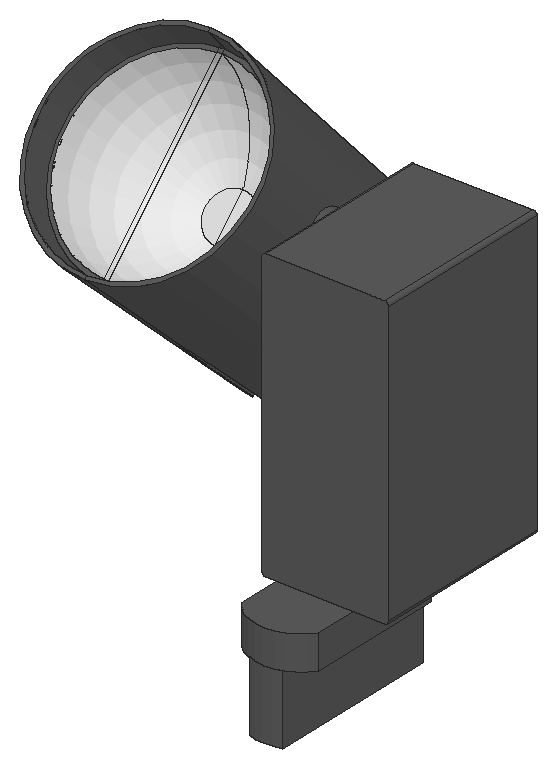
Revit family "0004848 Feilo Sylvania Lighting Fixture START TRACK SPOT S 14W 4K RA80 MB BLACK", category Lighting Fixtures, host Face, Revit 2017 (continued)
Definition of nested family "Start Track Spot Head"
  Types (96, lengths in mm): name | Wattage | built-in parameter 1150134 | Photometric Web File | Model | built-in parameter 1150105 | Lumens | built-in parameter 1150107 | built-in parameter 1150106 | HeadThickness_FEILO | HeadRibOffset_FEILO | HeadRibDepth_FEILO | HeadRibCutWidth_FEILO | HeadRibCutOffset_FEILO | HeadReflectorRadius_FEILO | HeadReflectorOffset_FEILO | HeadLEDRadius_FEILO | HeadHeight_FEILO | HeadDiffusorOffset_FEILO | HeadDiaOut_FEILO | HeadDiaIn_FEILO | HeadAxisFromTop_FEILO | Emit from Circle Diameter | built-in parameter 1150104 | Description | Apparent Load
    0004864 START TRACK SPOT S 24W 3K RA90 WB WHITE | 24 W | (empty or 0) | "0004864.ies" | "START TRACK SPOT S 24W 3K RA90 WB WHITE" | 152.79 (stored number, unit not read) | 1920 lm | 3000 (stored number, unit not read) | 1.5279 (stored number, unit not read) | 1.5 | 4.179 | 55.714 | 7.167 | 50.87 | 50.588 | 55.714 | 9.556 | 117 | 9.435 | 86 | 77.477 | 69.354 | 77.477 | 7.4322 (stored number, unit not read) | "Integrated LED spotlight, Textured White - RAL9016, compact and minimalist design, ideal for retail applications, die-cast aluminium body, passive cooling heatsink. Beam angle: 64°, color temperature: 3000K , total system power: 24W, total fixture output: 1928 lm, LOR: 100%, colour rendering: Ra: 90 typical, LED Chromaticity: 3 step MacAdam ellipse, lifetime: >50000 hours at L70B50, energy class: A++, A+, A, IR/UV free light source without heat radiation, operating voltage: 220-240V / 50-60Hz, drive current: 600mA, electronic driver, non-dimmable, power factor: 0.95, electrical protection: Class II, Global Track 3 Phase adapter suitable for Global trac 3-circuit tracks, ingress protection rating: IP20, suitable for internal environment only, horizontal rotation: 355°, vertical tilt: 90°, dimensions: Ø86x140x200, weight: 0.966kg." | 24 VA
    0004863 START TRACK SPOT S 24W 3K RA90 MB WHITE | 24 W | (empty or 0) | "0004863.ies" | "START TRACK SPOT S 24W 3K RA90 MB WHITE" | 154.7 (stored number, unit not read) | 1944 lm | 3000 (stored number, unit not read) | 1.547 (stored number, unit not read) | 1.5 | 4.179 | 55.714 | 7.167 | 50.87 | 50.588 | 55.714 | 9.556 | 117 | 9.435 | 86 | 77.477 | 69.354 | 77.477 | 7.5251 (stored number, unit not read) | "Integrated LED spotlight, Textured White - RAL9016, compact and minimalist design, ideal for retail applications, die-cast aluminium body, passive cooling heatsink. Beam angle: 36°, color temperature: 3000K , total system power: 24W, total fixture output: 1944 lm, LOR: 100%, colour rendering: Ra: 90 typical, LED Chromaticity: 3 step MacAdam ellipse, lifetime: >50000 hours at L70B50, energy class: A++, A+, A, IR/UV free light source without heat radiation, operating voltage: 220-240V / 50-60Hz, drive current: 600mA, electronic driver, non-dimmable, power factor: 0.95, electrical protection: Class II, Global Track 3 Phase adapter suitable for Global trac 3-circuit tracks, ingress protection rating: IP20, suitable for internal environment only, horizontal rotation: 355°, vertical tilt: 90°, dimensions: Ø86x140x200, weight: 0.966kg." | 24 VA
    0004862 START TRACK SPOT S 24W 3K RA90 NB WHITE | 24 W | (empty or 0) | "0004862.ies" | "START TRACK SPOT S 24W 3K RA90 NB WHITE" | 158.52 (stored number, unit not read) | 1992 lm | 3000 (stored number, unit not read) | 1.5852 (stored number, unit not read) | 1.5 | 4.179 | 55.714 | 7.167 | 50.87 | 50.588 | 55.714 | 9.556 | 117 | 9.435 | 86 | 77.477 | 69.354 | 77.477 | 7.711 (stored number, unit not read) | "Integrated LED spotlight, Textured White - RAL9016, compact and minimalist design, ideal for retail applications, die-cast aluminium body, passive cooling heatsink. Beam angle: 12°, color temperature: 3000K , total system power: 24W, total fixture output: 1987 lm, LOR: 100%, colour rendering: Ra: 90 typical, LED Chromaticity: 3 step MacAdam ellipse, lifetime: >50000 hours at L70B50, energy class: A++, A+, A, IR/UV free light source without heat radiation, operating voltage: 220-240V / 50-60Hz, drive current: 600mA, electronic driver, non-dimmable, power factor: 0.95, electrical protection: Class II, Global Track 3 Phase adapter suitable for Global trac 3-circuit tracks, ingress protection rating: IP20, suitable for internal environment only, horizontal rotation: 355°, vertical tilt: 90°, dimensions: Ø86x140x200, weight: 0.966kg." | 24 VA
    0004861 START TRACK SPOT S 14W 3K RA90 WB WHITE | 14 W | (empty or 0) | "0004861.ies" | "START TRACK SPOT S 14W 3K RA90 WB WHITE" | 100.27 (stored number, unit not read) | 1260 lm | 3000 (stored number, unit not read) | 1.0027 (stored number, unit not read) | 1.5 | 4.179 | 55.714 | 7.167 | 50.87 | 50.588 | 55.714 | 9.556 | 117 | 9.435 | 86 | 77.477 | 69.354 | 77.477 | 8.3613 (stored number, unit not read) | "Integrated LED spotlight, Textured White - RAL9016, compact and minimalist design, ideal for retail applications, die-cast aluminium body, passive cooling heatsink. Beam angle: 64°, color temperature: 3000K , total system power: 14W, total fixture output: 1262 lm, LOR: 100%, colour rendering: Ra: 90 typical, LED Chromaticity: 3 step MacAdam ellipse, lifetime: >50000 hours at L70B50, energy class: A++, A+, A, IR/UV free light source without heat radiation, operating voltage: 220-240V / 50-60Hz, drive current: 350mA, electronic driver, non-dimmable, power factor: 0.92, electrical protection: Class II, Global Track 3 Phase adapter suitable for Global trac 3-circuit tracks, ingress protection rating: IP20, suitable for internal environment only, horizontal rotation: 355°, vertical tilt: 90°, dimensions: Ø86x140x200, weight: 0.940kg." | 14 VA
    0004860 START TRACK SPOT S 14W 3K RA90 MB WHITE | 14 W | (empty or 0) | "0004860.ies" | "START TRACK SPOT S 14W 3K RA90 MB WHITE" | 100.27 (stored number, unit not read) | 1260 lm | 3000 (stored number, unit not read) | 1.0027 (stored number, unit not read) | 1.5 | 4.179 | 55.714 | 7.167 | 50.87 | 50.588 | 55.714 | 9.556 | 117 | 9.435 | 86 | 77.477 | 69.354 | 77.477 | 8.3613 (stored number, unit not read) | "Integrated LED spotlight, Textured White - RAL9016, compact and minimalist design, ideal for retail applications, die-cast aluminium body, passive cooling heatsink. Beam angle: 36°, color temperature: 3000K , total system power: 14W, total fixture output: 1262 lm, LOR: 100%, colour rendering: Ra: 90 typical, LED Chromaticity: 3 step MacAdam ellipse, lifetime: >50000 hours at L70B50, energy class: A++, A+, A, IR/UV free light source without heat radiation, operating voltage: 220-240V / 50-60Hz, drive current: 350mA, electronic driver, non-dimmable, power factor: 0.92, electrical protection: Class II, Global Track 3 Phase adapter suitable for Global trac 3-circuit tracks, ingress protection rating: IP20, suitable for internal environment only, horizontal rotation: 355°, vertical tilt: 90°, dimensions: Ø86x140x200, weight: 0.940kg." | 14 VA
    0004859 START TRACK SPOT S 14W 3K RA90 NB WHITE | 14 W | (empty or 0) | "0004859.ies" | "START TRACK SPOT S 14W 3K RA90 NB WHITE" | 102.5 (stored number, unit not read) | 1288 lm | 3000 (stored number, unit not read) | 1.025 (stored number, unit not read) | 1.5 | 4.179 | 55.714 | 7.167 | 50.87 | 50.588 | 55.714 | 9.556 | 117 | 9.435 | 86 | 77.477 | 69.354 | 77.477 | 8.5471 (stored number, unit not read) | "Integrated LED spotlight, Textured White - RAL9016, compact and minimalist design, ideal for retail applications, die-cast aluminium body, passive cooling heatsink. Beam angle: 12°, color temperature: 3000K , total system power: 14W, total fixture output: 1284 lm, LOR: 100%, colour rendering: Ra: 90 typical, LED Chromaticity: 3 step MacAdam ellipse, lifetime: >50000 hours at L70B50, energy class: A++, A+, A, IR/UV free light source without heat radiation, operating voltage: 220-240V / 50-60Hz, drive current: 350mA, electronic driver, non-dimmable, power factor: 0.92, electrical protection: Class II, Global Track 3 Phase adapter suitable for Global trac 3-circuit tracks, ingress protection rating: IP20, suitable for internal environment only, horizontal rotation: 355°, vertical tilt: 90°, dimensions: Ø86x140x200, weight: 0.940kg." | 14 VA
    0004858 START TRACK SPOT L 55W 4K RA80 WB BLACK | 55 W | 12 | "0004858.ies" | "START TRACK SPOT L 55W 4K RA80 WB BLACK" | 424.55 (stored number, unit not read) | 5335 lm | 4000 (stored number, unit not read) | 4.2455 (stored number, unit not read) | 2 | 4.429 | 59.048 | 9.417 | 53.913 | 66.471 | 59.048 | 12.556 | 124 | 10 | 113 | 101.802 | 73.503 | 101.802 | 9.0116 (stored number, unit not read) | "Integrated LED spotlight, Textured Black - RAL9005, compact and minimalist design, ideal for retail applications, die-cast aluminium body, passive cooling heatsink. Beam angle: 52°, color temperature: 4000K , total system power: 55W, total fixture output: 5320 lm, LOR: 100%, colour rendering: Ra: 80 typical, LED Chromaticity: 3 step MacAdam ellipse, lifetime: >50000 hours at L70B50, energy class: A++, A+, A, IR/UV free light source without heat radiation, operating voltage: 220-240V / 50-60Hz, drive current: 1400mA, electronic driver, non-dimmable, power factor: 0.96, electrical protection: Class II, Global Track 3 Phase adapter suitable for Global trac 3-circuit tracks, ingress protection rating: IP20, suitable for internal environment only, horizontal rotation: 355°, vertical tilt: 90°, dimensions: Ø113x164x240, weight: 1.398kg." | 55 VA
    0004857 START TRACK SPOT L 55W 4K RA80 MB BLACK | 55 W | 12 | "0004857.ies" | "START TRACK SPOT L 55W 4K RA80 MB BLACK" | 428.92 (stored number, unit not read) | 5390 lm | 4000 (stored number, unit not read) | 4.2892 (stored number, unit not read) | 2 | 4.429 | 59.048 | 9.417 | 53.913 | 66.471 | 59.048 | 12.556 | 124 | 10 | 113 | 101.802 | 73.503 | 101.802 | 9.1045 (stored number, unit not read) | "Integrated LED spotlight, Textured Black - RAL9005, compact and minimalist design, ideal for retail applications, die-cast aluminium body, passive cooling heatsink. Beam angle: 38°, color temperature: 4000K , total system power: 55W, total fixture output: 5378 lm, LOR: 100%, colour rendering: Ra: 80 typical, LED Chromaticity: 3 step MacAdam ellipse, lifetime: >50000 hours at L70B50, energy class: A++, A+, A, IR/UV free light source without heat radiation, operating voltage: 220-240V / 50-60Hz, drive current: 1400mA, electronic driver, non-dimmable, power factor: 0.96, electrical protection: Class II, Global Track 3 Phase adapter suitable for Global trac 3-circuit tracks, ingress protection rating: IP20, suitable for internal environment only, horizontal rotation: 355°, vertical tilt: 90°, dimensions: Ø113x164x240, weight: 1.398kg." | 55 VA
    0004856 START TRACK SPOT L 55W 4K RA80 NB BLACK | 55 W | 12 | "0004856.ies" | "START TRACK SPOT L 55W 4K RA80 NB BLACK" | 433.3 (stored number, unit not read) | 5445 lm | 4000 (stored number, unit not read) | 4.333 (stored number, unit not read) | 2 | 4.429 | 59.048 | 9.417 | 53.913 | 66.471 | 59.048 | 12.556 | 124 | 10 | 113 | 101.802 | 73.503 | 101.802 | 9.1974 (stored number, unit not read) | "Integrated LED spotlight, Textured Black - RAL9005, compact and minimalist design, ideal for retail applications, die-cast aluminium body, passive cooling heatsink. Beam angle: 15°, color temperature: 4000K , total system power: 55W, total fixture output: 5426 lm, LOR: 100%, colour rendering: Ra: 80 typical, LED Chromaticity: 3 step MacAdam ellipse, lifetime: >50000 hours at L70B50, energy class: A++, A+, A, IR/UV free light source without heat radiation, operating voltage: 220-240V / 50-60Hz, drive current: 1400mA, electronic driver, non-dimmable, power factor: 0.96, electrical protection: Class II, Global Track 3 Phase adapter suitable for Global trac 3-circuit tracks, ingress protection rating: IP20, suitable for internal environment only, horizontal rotation: 355°, vertical tilt: 90°, dimensions: Ø113x164x240, weight: 1.398kg." | 55 VA
    0004855 START TRACK SPOT L 35W 4K RA80 WB BLACK | 35 W | 12 | "0004855.ies" | "START TRACK SPOT L 35W 4K RA80 WB BLACK" | 320.3 (stored number, unit not read) | 4025 lm | 4000 (stored number, unit not read) | 3.203 (stored number, unit not read) | 2 | 4.429 | 59.048 | 9.417 | 53.913 | 66.471 | 59.048 | 12.556 | 124 | 10 | 113 | 101.802 | 73.503 | 101.802 | 10.684 (stored number, unit not read) | "Integrated LED spotlight, Textured Black - RAL9005, compact and minimalist design, ideal for retail applications, die-cast aluminium body, passive cooling heatsink. Beam angle: 52°, color temperature: 4000K , total system power: 35W, total fixture output: 4010 lm, LOR: 100%, colour rendering: Ra: 80 typical, LED Chromaticity: 3 step MacAdam ellipse, lifetime: >50000 hours at L70B50, energy class: A++, A+, A, IR/UV free light source without heat radiation, operating voltage: 220-240V / 50-60Hz, drive current: 900mA, electronic driver, non-dimmable, power factor: 0.93, electrical protection: Class II, Global Track 3 Phase adapter suitable for Global trac 3-circuit tracks, ingress protection rating: IP20, suitable for internal environment only, horizontal rotation: 355°, vertical tilt: 90°, dimensions: Ø113x164x240, weight: 1.368kg." | 35 VA
    0004854 START TRACK SPOT L 35W 4K RA80 MB BLACK | 35 W | 12 | "0004854.ies" | "START TRACK SPOT L 35W 4K RA80 MB BLACK" | 320.3 (stored number, unit not read) | 4025 lm | 4000 (stored number, unit not read) | 3.203 (stored number, unit not read) | 2 | 4.429 | 59.048 | 9.417 | 53.913 | 66.471 | 59.048 | 12.556 | 124 | 10 | 113 | 101.802 | 73.503 | 101.802 | 10.684 (stored number, unit not read) | "Integrated LED spotlight, Textured Black - RAL9005, compact and minimalist design, ideal for retail applications, die-cast aluminium body, passive cooling heatsink. Beam angle: 38°, color temperature: 4000K , total system power: 35W, total fixture output: 4017 lm, LOR: 100%, colour rendering: Ra: 80 typical, LED Chromaticity: 3 step MacAdam ellipse, lifetime: >50000 hours at L70B50, energy class: A++, A+, A, IR/UV free light source without heat radiation, operating voltage: 220-240V / 50-60Hz, drive current: 900mA, electronic driver, non-dimmable, power factor: 0.93, electrical protection: Class II, Global Track 3 Phase adapter suitable for Global trac 3-circuit tracks, ingress protection rating: IP20, suitable for internal environment only, horizontal rotation: 355°, vertical tilt: 90°, dimensions: Ø113x164x240, weight: 1.368kg." | 35 VA
    0004853 START TRACK SPOT L 35W 4K RA80 NB BLACK | 35 W | 12 | "0004853.ies" | "START TRACK SPOT L 35W 4K RA80 NB BLACK" | 331.44 (stored number, unit not read) | 4165 lm | 4000 (stored number, unit not read) | 3.3144 (stored number, unit not read) | 2 | 4.429 | 59.048 | 9.417 | 53.913 | 66.471 | 59.048 | 12.556 | 124 | 10 | 113 | 101.802 | 73.503 | 101.802 | 11.055 (stored number, unit not read) | "Integrated LED spotlight, Textured Black - RAL9005, compact and minimalist design, ideal for retail applications, die-cast aluminium body, passive cooling heatsink. Beam angle: 15°, color temperature: 4000K , total system power: 35W, total fixture output: 4174 lm, LOR: 100%, colour rendering: Ra: 80 typical, LED Chromaticity: 3 step MacAdam ellipse, lifetime: >50000 hours at L70B50, energy class: A++, A+, A, IR/UV free light source without heat radiation, operating voltage: 220-240V / 50-60Hz, drive current: 900mA, electronic driver, non-dimmable, power factor: 0.93, electrical protection: Class II, Global Track 3 Phase adapter suitable for Global trac 3-circuit tracks, ingress protection rating: IP20, suitable for internal environment only, horizontal rotation: 355°, vertical tilt: 90°, dimensions: Ø113x164x240, weight: 1.368kg." | 35 VA
    0004852 START TRACK SPOT S 24W 4K RA80 WB BLACK | 24 W | 12 | "0004852.ies" | "START TRACK SPOT S 24W 4K RA80 WB BLACK" | 196.72 (stored number, unit not read) | 2472 lm | 4000 (stored number, unit not read) | 1.9672 (stored number, unit not read) | 1.5 | 4.179 | 55.714 | 7.167 | 50.87 | 50.588 | 55.714 | 9.556 | 117 | 9.435 | 86 | 77.477 | 69.354 | 77.477 | 9.569 (stored number, unit not read) | "Integrated LED spotlight, Textured Black - RAL9005, compact and minimalist design, ideal for retail applications, die-cast aluminium body, passive cooling heatsink. Beam angle: 64°, color temperature: 4000K , total system power: 24W, total fixture output: 2476 lm, LOR: 100%, colour rendering: Ra: 80 typical, LED Chromaticity: 3 step MacAdam ellipse, lifetime: >50000 hours at L70B50, energy class: A++, A+, A, IR/UV free light source without heat radiation, operating voltage: 220-240V / 50-60Hz, drive current: 600mA, electronic driver, non-dimmable, power factor: 0.95, electrical protection: Class II, Global Track 3 Phase adapter suitable for Global trac 3-circuit tracks, ingress protection rating: IP20, suitable for internal environment only, horizontal rotation: 355°, vertical tilt: 90°, dimensions: Ø86x140x200, weight: 0.966kg." | 24 VA
    0004851 START TRACK SPOT S 24W 4K RA80 MB BLACK | 24 W | 12 | "0004851.ies" | "START TRACK SPOT S 24W 4K RA80 MB BLACK" | 198.63 (stored number, unit not read) | 2496 lm | 4000 (stored number, unit not read) | 1.9863 (stored number, unit not read) | 1.5 | 4.179 | 55.714 | 7.167 | 50.87 | 50.588 | 55.714 | 9.556 | 117 | 9.435 | 86 | 77.477 | 69.354 | 77.477 | 9.6619 (stored number, unit not read) | "Integrated LED spotlight, Textured Black - RAL9005, compact and minimalist design, ideal for retail applications, die-cast aluminium body, passive cooling heatsink. Beam angle: 36°, color temperature: 4000K , total system power: 24W, total fixture output: 2487 lm, LOR: 100%, colour rendering: Ra: 80 typical, LED Chromaticity: 3 step MacAdam ellipse, lifetime: >50000 hours at L70B50, energy class: A++, A+, A, IR/UV free light source without heat radiation, operating voltage: 220-240V / 50-60Hz, drive current: 600mA, electronic driver, non-dimmable, power factor: 0.95, electrical protection: Class II, Global Track 3 Phase adapter suitable for Global trac 3-circuit tracks, ingress protection rating: IP20, suitable for internal environment only, horizontal rotation: 355°, vertical tilt: 90°, dimensions: Ø86x140x200, weight: 0.966kg." | 24 VA
    0004850 START TRACK SPOT S 24W 4K RA80 NB BLACK | 24 W | 12 | "0004850.ies" | "START TRACK SPOT S 24W 4K RA80 NB BLACK" | 200.54 (stored number, unit not read) | 2520 lm | 4000 (stored number, unit not read) | 2.0054 (stored number, unit not read) | 1.5 | 4.179 | 55.714 | 7.167 | 50.87 | 50.588 | 55.714 | 9.556 | 117 | 9.435 | 86 | 77.477 | 69.354 | 77.477 | 9.7548 (stored number, unit not read) | "Integrated LED spotlight, Textured Black - RAL9005, compact and minimalist design, ideal for retail applications, die-cast aluminium body, passive cooling heatsink. Beam angle: 12°, color temperature: 4000K , total system power: 24W, total fixture output: 2529 lm, LOR: 100%, colour rendering: Ra: 80 typical, LED Chromaticity: 3 step MacAdam ellipse, lifetime: >50000 hours at L70B50, energy class: A++, A+, A, IR/UV free light source without heat radiation, operating voltage: 220-240V / 50-60Hz, drive current: 600mA, electronic driver, non-dimmable, power factor: 0.95, electrical protection: Class II, Global Track 3 Phase adapter suitable for Global trac 3-circuit tracks, ingress protection rating: IP20, suitable for internal environment only, horizontal rotation: 355°, vertical tilt: 90°, dimensions: Ø86x140x200, weight: 0.966kg." | 24 VA
    0004849 START TRACK SPOT S 14W 4K RA80 WB BLACK | 14 W | 12 | "0004849.ies" | "START TRACK SPOT S 14W 4K RA80 WB BLACK" | 123.66 (stored number, unit not read) | 1554 lm | 4000 (stored number, unit not read) | 1.2366 (stored number, unit not read) | 1.5 | 4.179 | 55.714 | 7.167 | 50.87 | 50.588 | 55.714 | 9.556 | 117 | 9.435 | 86 | 77.477 | 69.354 | 77.477 | 10.312 (stored number, unit not read) | "Integrated LED spotlight, Textured Black - RAL9005, compact and minimalist design, ideal for retail applications, die-cast aluminium body, passive cooling heatsink. Beam angle: 64°, color temperature: 4000K , total system power: 14W, total fixture output: 1558 lm, LOR: 100%, colour rendering: Ra: 80 typical, LED Chromaticity: 3 step MacAdam ellipse, lifetime: >50000 hours at L70B50, energy class: A++, A+, A, IR/UV free light source without heat radiation, operating voltage: 220-240V / 50-60Hz, drive current: 350mA, electronic driver, non-dimmable, power factor: 0.92, electrical protection: Class II, Global Track 3 Phase adapter suitable for Global trac 3-circuit tracks, ingress protection rating: IP20, suitable for internal environment only, horizontal rotation: 355°, vertical tilt: 90°, dimensions: Ø86x140x200, weight: 0.940kg." | 14 VA
    0004848 START TRACK SPOT S 14W 4K RA80 MB BLACK | 14 W | 12 | "0004848.ies" | "START TRACK SPOT S 14W 4K RA80 MB BLACK" | 127.01 (stored number, unit not read) | 1596 lm | 4000 (stored number, unit not read) | 1.2701 (stored number, unit not read) | 1.5 | 4.179 | 55.714 | 7.167 | 50.87 | 50.588 | 55.714 | 9.556 | 117 | 9.435 | 86 | 77.477 | 69.354 | 77.477 | 10.591 (stored number, unit not read) | "Integrated LED spotlight, Textured Black - RAL9005, compact and minimalist design, ideal for retail applications, die-cast aluminium body, passive cooling heatsink. Beam angle: 36°, color temperature: 4000K , total system power: 14W, total fixture output: 1598 lm, LOR: 100%, colour rendering: Ra: 80 typical, LED Chromaticity: 3 step MacAdam ellipse, lifetime: >50000 hours at L70B50, energy class: A++, A+, A, IR/UV free light source without heat radiation, operating voltage: 220-240V / 50-60Hz, drive current: 350mA, electronic driver, non-dimmable, power factor: 0.92, electrical protection: Class II, Global Track 3 Phase adapter suitable for Global trac 3-circuit tracks, ingress protection rating: IP20, suitable for internal environment only, horizontal rotation: 355°, vertical tilt: 90°, dimensions: Ø86x140x200, weight: 0.940kg." | 14 VA
    0004847 START TRACK SPOT S 14W 4K RA80 NB BLACK | 14 W | 12 | "0004847.ies" | "START TRACK SPOT S 14W 4K RA80 NB BLACK" | 128.12 (stored number, unit not read) | 1610 lm | 4000 (stored number, unit not read) | 1.2812 (stored number, unit not read) | 1.5 | 4.179 | 55.714 | 7.167 | 50.87 | 50.588 | 55.714 | 9.556 | 117 | 9.435 | 86 | 77.477 | 69.354 | 77.477 | 10.684 (stored number, unit not read) | "Integrated LED spotlight, Textured Black - RAL9005, compact and minimalist design, ideal for retail applications, die-cast aluminium body, passive cooling heatsink. Beam angle: 12°, color temperature: 4000K , total system power: 14W, total fixture output: 1608 lm, LOR: 100%, colour rendering: Ra: 80 typical, LED Chromaticity: 3 step MacAdam ellipse, lifetime: >50000 hours at L70B50, energy class: A++, A+, A, IR/UV free light source without heat radiation, operating voltage: 220-240V / 50-60Hz, drive current: 350mA, electronic driver, non-dimmable, power factor: 0.92, electrical protection: Class II, Global Track 3 Phase adapter suitable for Global trac 3-circuit tracks, ingress protection rating: IP20, suitable for internal environment only, horizontal rotation: 355°, vertical tilt: 90°, dimensions: Ø86x140x200, weight: 0.940kg." | 14 VA
    0004846 START TRACK SPOT L 55W 3K RA80 WB BLACK | 55 W | (empty or 0) | "0004846.ies" | "START TRACK SPOT L 55W 3K RA80 WB BLACK" | 420.17 (stored number, unit not read) | 5280 lm | 3000 (stored number, unit not read) | 4.2017 (stored number, unit not read) | 2 | 4.429 | 59.048 | 9.417 | 53.913 | 66.471 | 59.048 | 12.556 | 124 | 10 | 113 | 101.802 | 73.503 | 101.802 | 8.9187 (stored number, unit not read) | "Integrated LED spotlight, Textured Black - RAL9005, compact and minimalist design, ideal for retail applications, die-cast aluminium body, passive cooling heatsink. Beam angle: 52°, color temperature: 3000K , total system power: 55W, total fixture output: 5298 lm, LOR: 100%, colour rendering: Ra: 80 typical, LED Chromaticity: 3 step MacAdam ellipse, lifetime: >50000 hours at L70B50, energy class: A++, A+, A, IR/UV free light source without heat radiation, operating voltage: 220-240V / 50-60Hz, drive current: 1400mA, electronic driver, non-dimmable, power factor: 0.96, electrical protection: Class II, Global Track 3 Phase adapter suitable for Global trac 3-circuit tracks, ingress protection rating: IP20, suitable for internal environment only, horizontal rotation: 355°, vertical tilt: 90°, dimensions: Ø113x164x240, weight: 1.398kg." | 55 VA
    0004845 START TRACK SPOT L 55W 3K RA80 MB BLACK | 55 W | (empty or 0) | "0004845.ies" | "START TRACK SPOT L 55W 3K RA80 MB BLACK" | 428.92 (stored number, unit not read) | 5390 lm | 3000 (stored number, unit not read) | 4.2892 (stored number, unit not read) | 2 | 4.429 | 59.048 | 9.417 | 53.913 | 66.471 | 59.048 | 12.556 | 124 | 10 | 113 | 101.802 | 73.503 | 101.802 | 9.1045 (stored number, unit not read) | "Integrated LED spotlight, Textured Black - RAL9005, compact and minimalist design, ideal for retail applications, die-cast aluminium body, passive cooling heatsink. Beam angle: 38°, color temperature: 3000K , total system power: 55W, total fixture output: 5381 lm, LOR: 100%, colour rendering: Ra: 80 typical, LED Chromaticity: 3 step MacAdam ellipse, lifetime: >50000 hours at L70B50, energy class: A++, A+, A, IR/UV free light source without heat radiation, operating voltage: 220-240V / 50-60Hz, drive current: 1400mA, electronic driver, non-dimmable, power factor: 0.96, electrical protection: Class II, Global Track 3 Phase adapter suitable for Global trac 3-circuit tracks, ingress protection rating: IP20, suitable for internal environment only, horizontal rotation: 355°, vertical tilt: 90°, dimensions: Ø113x164x240, weight: 1.398kg." | 55 VA
    0004844 START TRACK SPOT L 55W 3K RA80 NB BLACK | 55 W | (empty or 0) | "0004844.ies" | "START TRACK SPOT L 55W 3K RA80 NB BLACK" | 433.3 (stored number, unit not read) | 5445 lm | 3000 (stored number, unit not read) | 4.333 (stored number, unit not read) | 2 | 4.429 | 59.048 | 9.417 | 53.913 | 66.471 | 59.048 | 12.556 | 124 | 10 | 113 | 101.802 | 73.503 | 101.802 | 9.1974 (stored number, unit not read) | "Integrated LED spotlight, Textured Black - RAL9005, compact and minimalist design, ideal for retail applications, die-cast aluminium body, passive cooling heatsink. Beam angle: 15°, color temperature: 3000K , total system power: 55W, total fixture output: 5449 lm, LOR: 100%, colour rendering: Ra: 80 typical, LED Chromaticity: 3 step MacAdam ellipse, lifetime: >50000 hours at L70B50, energy class: A++, A+, A, IR/UV free light source without heat radiation, operating voltage: 220-240V / 50-60Hz, drive current: 1400mA, electronic driver, non-dimmable, power factor: 0.96, electrical protection: Class II, Global Track 3 Phase adapter suitable for Global trac 3-circuit tracks, ingress protection rating: IP20, suitable for internal environment only, horizontal rotation: 355°, vertical tilt: 90°, dimensions: Ø113x164x240, weight: 1.398kg." | 55 VA
    0004843 START TRACK SPOT L 35W 3K RA80 WB BLACK | 35 W | (empty or 0) | "0004843.ies" | "START TRACK SPOT L 35W 3K RA80 WB BLACK" | 314.73 (stored number, unit not read) | 3955 lm | 3000 (stored number, unit not read) | 3.1473 (stored number, unit not read) | 2 | 4.429 | 59.048 | 9.417 | 53.913 | 66.471 | 59.048 | 12.556 | 124 | 10 | 113 | 101.802 | 73.503 | 101.802 | 10.498 (stored number, unit not read) | "Integrated LED spotlight, Textured Black - RAL9005, compact and minimalist design, ideal for retail applications, die-cast aluminium body, passive cooling heatsink. Beam angle: 52°, color temperature: 3000K , total system power: 35W, total fixture output: 3943 lm, LOR: 100%, colour rendering: Ra: 80 typical, LED Chromaticity: 3 step MacAdam ellipse, lifetime: >50000 hours at L70B50, energy class: A++, A+, A, IR/UV free light source without heat radiation, operating voltage: 220-240V / 50-60Hz, drive current: 900mA, electronic driver, non-dimmable, power factor: 0.93, electrical protection: Class II, Global Track 3 Phase adapter suitable for Global trac 3-circuit tracks, ingress protection rating: IP20, suitable for internal environment only, horizontal rotation: 355°, vertical tilt: 90°, dimensions: Ø113x164x240, weight: 1.368kg." | 35 VA
    0004842 START TRACK SPOT L 35W 3K RA80 MB BLACK | 35 W | (empty or 0) | "0004842.ies" | "START TRACK SPOT L 35W 3K RA80 MB BLACK" | 320.3 (stored number, unit not read) | 4025 lm | 3000 (stored number, unit not read) | 3.203 (stored number, unit not read) | 2 | 4.429 | 59.048 | 9.417 | 53.913 | 66.471 | 59.048 | 12.556 | 124 | 10 | 113 | 101.802 | 73.503 | 101.802 | 10.684 (stored number, unit not read) | "Integrated LED spotlight, Textured Black - RAL9005, compact and minimalist design, ideal for retail applications, die-cast aluminium body, passive cooling heatsink. Beam angle: 38°, color temperature: 3000K , total system power: 35W, total fixture output: 4008 lm, LOR: 100%, colour rendering: Ra: 80 typical, LED Chromaticity: 3 step MacAdam ellipse, lifetime: >50000 hours at L70B50, energy class: A++, A+, A, IR/UV free light source without heat radiation, operating voltage: 220-240V / 50-60Hz, drive current: 900mA, electronic driver, non-dimmable, power factor: 0.93, electrical protection: Class II, Global Track 3 Phase adapter suitable for Global trac 3-circuit tracks, ingress protection rating: IP20, suitable for internal environment only, horizontal rotation: 355°, vertical tilt: 90°, dimensions: Ø113x164x240, weight: 1.368kg." | 35 VA
    0004841 START TRACK SPOT L 35W 3K RA80 NB BLACK | 35 W | (empty or 0) | "0004841.ies" | "START TRACK SPOT L 35W 3K RA80 NB BLACK" | 317.51 (stored number, unit not read) | 3990 lm | 3000 (stored number, unit not read) | 3.1751 (stored number, unit not read) | 2 | 4.429 | 59.048 | 9.417 | 53.913 | 66.471 | 59.048 | 12.556 | 124 | 10 | 113 | 101.802 | 73.503 | 101.802 | 10.591 (stored number, unit not read) | "Integrated LED spotlight, Textured Black - RAL9005, compact and minimalist design, ideal for retail applications, die-cast aluminium body, passive cooling heatsink. Beam angle: 15°, color temperature: 3000K , total system power: 35W, total fixture output: 4005 lm, LOR: 100%, colour rendering: Ra: 80 typical, LED Chromaticity: 3 step MacAdam ellipse, lifetime: >50000 hours at L70B50, energy class: A++, A+, A, IR/UV free light source without heat radiation, operating voltage: 220-240V / 50-60Hz, drive current: 900mA, electronic driver, non-dimmable, power factor: 0.93, electrical protection: Class II, Global Track 3 Phase adapter suitable for Global trac 3-circuit tracks, ingress protection rating: IP20, suitable for internal environment only, horizontal rotation: 355°, vertical tilt: 90°, dimensions: Ø113x164x240, weight: 1.368kg." | 35 VA
    0004840 START TRACK SPOT S 24W 3K RA80 WB BLACK | 24 W | (empty or 0) | "0004840.ies" | "START TRACK SPOT S 24W 3K RA80 WB BLACK" | 185.26 (stored number, unit not read) | 2328 lm | 3000 (stored number, unit not read) | 1.8526 (stored number, unit not read) | 1.5 | 4.179 | 55.714 | 7.167 | 50.87 | 50.588 | 55.714 | 9.556 | 117 | 9.435 | 86 | 77.477 | 69.354 | 77.477 | 9.0116 (stored number, unit not read) | "Integrated LED spotlight, Textured Black - RAL9005, compact and minimalist design, ideal for retail applications, die-cast aluminium body, passive cooling heatsink. Beam angle: 64°, color temperature: 3000K , total system power: 24W, total fixture output: 2318 lm, LOR: 100%, colour rendering: Ra: 80 typical, LED Chromaticity: 3 step MacAdam ellipse, lifetime: >50000 hours at L70B50, energy class: A++, A+, A, IR/UV free light source without heat radiation, operating voltage: 220-240V / 50-60Hz, drive current: 600mA, electronic driver, non-dimmable, power factor: 0.95, electrical protection: Class II, Global Track 3 Phase adapter suitable for Global trac 3-circuit tracks, ingress protection rating: IP20, suitable for internal environment only, horizontal rotation: 355°, vertical tilt: 90°, dimensions: Ø86x140x200, weight: 0.966kg." | 24 VA
    0004839 START TRACK SPOT S 24W 3K RA80 MB BLACK | 24 W | (empty or 0) | "0004839.ies" | "START TRACK SPOT S 24W 3K RA80 MB BLACK" | 183.35 (stored number, unit not read) | 2304 lm | 3000 (stored number, unit not read) | 1.8335 (stored number, unit not read) | 1.5 | 4.179 | 55.714 | 7.167 | 50.87 | 50.588 | 55.714 | 9.556 | 117 | 9.435 | 86 | 77.477 | 69.354 | 77.477 | 8.9187 (stored number, unit not read) | "Integrated LED spotlight, Textured Black - RAL9005, compact and minimalist design, ideal for retail applications, die-cast aluminium body, passive cooling heatsink. Beam angle: 36°, color temperature: 3000K , total system power: 24W, total fixture output: 2314 lm, LOR: 100%, colour rendering: Ra: 80 typical, LED Chromaticity: 3 step MacAdam ellipse, lifetime: >50000 hours at L70B50, energy class: A++, A+, A, IR/UV free light source without heat radiation, operating voltage: 220-240V / 50-60Hz, drive current: 600mA, electronic driver, non-dimmable, power factor: 0.95, electrical protection: Class II, Global Track 3 Phase adapter suitable for Global trac 3-circuit tracks, ingress protection rating: IP20, suitable for internal environment only, horizontal rotation: 355°, vertical tilt: 90°, dimensions: Ø86x140x200, weight: 0.966kg." | 24 VA
    0004838 START TRACK SPOT S 24W 3K RA80 NB BLACK | 24 W | (empty or 0) | "0004838.ies" | "START TRACK SPOT S 24W 3K RA80 NB BLACK" | 185.26 (stored number, unit not read) | 2328 lm | 3000 (stored number, unit not read) | 1.8526 (stored number, unit not read) | 1.5 | 4.179 | 55.714 | 7.167 | 50.87 | 50.588 | 55.714 | 9.556 | 117 | 9.435 | 86 | 77.477 | 69.354 | 77.477 | 9.0116 (stored number, unit not read) | "Integrated LED spotlight, Textured Black - RAL9005, compact and minimalist design, ideal for retail applications, die-cast aluminium body, passive cooling heatsink. Beam angle: 12°, color temperature: 3000K , total system power: 24W, total fixture output: 2334 lm, LOR: 100%, colour rendering: Ra: 80 typical, LED Chromaticity: 3 step MacAdam ellipse, lifetime: >50000 hours at L70B50, energy class: A++, A+, A, IR/UV free light source without heat radiation, operating voltage: 220-240V / 50-60Hz, drive current: 600mA, electronic driver, non-dimmable, power factor: 0.95, electrical protection: Class II, Global Track 3 Phase adapter suitable for Global trac 3-circuit tracks, ingress protection rating: IP20, suitable for internal environment only, horizontal rotation: 355°, vertical tilt: 90°, dimensions: Ø86x140x200, weight: 0.966kg." | 24 VA
    0004837 START TRACK SPOT S 14W 3K RA80 WB BLACK | 14 W | (empty or 0) | "0004837.ies" | "START TRACK SPOT S 14W 3K RA80 WB BLACK" | 119.21 (stored number, unit not read) | 1498 lm | 3000 (stored number, unit not read) | 1.1921 (stored number, unit not read) | 1.5 | 4.179 | 55.714 | 7.167 | 50.87 | 50.588 | 55.714 | 9.556 | 117 | 9.435 | 86 | 77.477 | 69.354 | 77.477 | 9.9406 (stored number, unit not read) | "Integrated LED spotlight, Textured Black - RAL9005, compact and minimalist design, ideal for retail applications, die-cast aluminium body, passive cooling heatsink. Beam angle: 64°, color temperature: 3000K , total system power: 14W, total fixture output: 1498 lm, LOR: 100%, colour rendering: Ra: 80 typical, LED Chromaticity: 3 step MacAdam ellipse, lifetime: >50000 hours at L70B50, energy class: A++, A+, A, IR/UV free light source without heat radiation, operating voltage: 220-240V / 50-60Hz, drive current: 350mA, electronic driver, non-dimmable, power factor: 0.92, electrical protection: Class II, Global Track 3 Phase adapter suitable for Global trac 3-circuit tracks, ingress protection rating: IP20, suitable for internal environment only, horizontal rotation: 355°, vertical tilt: 90°, dimensions: Ø86x140x200, weight: 0.940kg." | 14 VA
    0004836 START TRACK SPOT S 14W 3K RA80 MB BLACK | 14 W | (empty or 0) | "0004836.ies" | "START TRACK SPOT S 14W 3K RA80 MB BLACK" | 120.32 (stored number, unit not read) | 1512 lm | 3000 (stored number, unit not read) | 1.2032 (stored number, unit not read) | 1.5 | 4.179 | 55.714 | 7.167 | 50.87 | 50.588 | 55.714 | 9.556 | 117 | 9.435 | 86 | 77.477 | 69.354 | 77.477 | 10.034 (stored number, unit not read) | "Integrated LED spotlight, Textured Black - RAL9005, compact and minimalist design, ideal for retail applications, die-cast aluminium body, passive cooling heatsink. Beam angle: 36°, color temperature: 3000K , total system power: 14W, total fixture output: 1508 lm, LOR: 100%, colour rendering: Ra: 80 typical, LED Chromaticity: 3 step MacAdam ellipse, lifetime: >50000 hours at L70B50, energy class: A++, A+, A, IR/UV free light source without heat radiation, operating voltage: 220-240V / 50-60Hz, drive current: 350mA, electronic driver, non-dimmable, power factor: 0.92, electrical protection: Class II, Global Track 3 Phase adapter suitable for Global trac 3-circuit tracks, ingress protection rating: IP20, suitable for internal environment only, horizontal rotation: 355°, vertical tilt: 90°, dimensions: Ø86x140x200, weight: 0.940kg." | 14 VA
    0004835 START TRACK SPOT S 14W 3K RA80 NB BLACK | 14 W | (empty or 0) | "0004835.ies" | "START TRACK SPOT S 14W 3K RA80 NB BLACK" | 123.66 (stored number, unit not read) | 1554 lm | 3000 (stored number, unit not read) | 1.2366 (stored number, unit not read) | 1.5 | 4.179 | 55.714 | 7.167 | 50.87 | 50.588 | 55.714 | 9.556 | 117 | 9.435 | 86 | 77.477 | 69.354 | 77.477 | 10.312 (stored number, unit not read) | "Integrated LED spotlight, Textured Black - RAL9005, compact and minimalist design, ideal for retail applications, die-cast aluminium body, passive cooling heatsink. Beam angle: 12°, color temperature: 3000K , total system power: 14W, total fixture output: 1551 lm, LOR: 100%, colour rendering: Ra: 80 typical, LED Chromaticity: 3 step MacAdam ellipse, lifetime: >50000 hours at L70B50, energy class: A++, A+, A, IR/UV free light source without heat radiation, operating voltage: 220-240V / 50-60Hz, drive current: 350mA, electronic driver, non-dimmable, power factor: 0.92, electrical protection: Class II, Global Track 3 Phase adapter suitable for Global trac 3-circuit tracks, ingress protection rating: IP20, suitable for internal environment only, horizontal rotation: 355°, vertical tilt: 90°, dimensions: Ø86x140x200, weight: 0.940kg." | 14 VA
    0004834 START TRACK SPOT L 55W 4K RA80 WB WHITE | 55 W | 12 | "0004834.ies" | "START TRACK SPOT L 55W 4K RA80 WB WHITE" | 424.55 (stored number, unit not read) | 5335 lm | 4000 (stored number, unit not read) | 4.2455 (stored number, unit not read) | 2 | 4.429 | 59.048 | 9.417 | 53.913 | 66.471 | 59.048 | 12.556 | 124 | 10 | 113 | 101.802 | 73.503 | 101.802 | 9.0116 (stored number, unit not read) | "Integrated LED spotlight, Textured White - RAL9016, compact and minimalist design, ideal for retail applications, die-cast aluminium body, passive cooling heatsink. Beam angle: 52°, color temperature: 4000K , total system power: 55W, total fixture output: 5320 lm, LOR: 100%, colour rendering: Ra: 80 typical, LED Chromaticity: 3 step MacAdam ellipse, lifetime: >50000 hours at L70B50, energy class: A++, A+, A, IR/UV free light source without heat radiation, operating voltage: 220-240V / 50-60Hz, drive current: 1400mA, electronic driver, non-dimmable, power factor: 0.96, electrical protection: Class II, Global Track 3 Phase adapter suitable for Global trac 3-circuit tracks, ingress protection rating: IP20, suitable for internal environment only, horizontal rotation: 355°, vertical tilt: 90°, dimensions: Ø113x164x240, weight: 1.398kg." | 55 VA
    0004833 START TRACK SPOT L 55W 4K RA80 MB WHITE | 55 W | 12 | "0004833.ies" | "START TRACK SPOT L 55W 4K RA80 MB WHITE" | 428.92 (stored number, unit not read) | 5390 lm | 4000 (stored number, unit not read) | 4.2892 (stored number, unit not read) | 2 | 4.429 | 59.048 | 9.417 | 53.913 | 66.471 | 59.048 | 12.556 | 124 | 10 | 113 | 101.802 | 73.503 | 101.802 | 9.1045 (stored number, unit not read) | "Integrated LED spotlight, Textured White - RAL9016, compact and minimalist design, ideal for retail applications, die-cast aluminium body, passive cooling heatsink. Beam angle: 38°, color temperature: 4000K , total system power: 55W, total fixture output: 5378 lm, LOR: 100%, colour rendering: Ra: 80 typical, LED Chromaticity: 3 step MacAdam ellipse, lifetime: >50000 hours at L70B50, energy class: A++, A+, A, IR/UV free light source without heat radiation, operating voltage: 220-240V / 50-60Hz, drive current: 1400mA, electronic driver, non-dimmable, power factor: 0.96, electrical protection: Class II, Global Track 3 Phase adapter suitable for Global trac 3-circuit tracks, ingress protection rating: IP20, suitable for internal environment only, horizontal rotation: 355°, vertical tilt: 90°, dimensions: Ø113x164x240, weight: 1.398kg." | 55 VA
    0004832 START TRACK SPOT L 55W 4K RA80 NB WHITE | 55 W | 12 | "0004832.ies" | "START TRACK SPOT L 55W 4K RA80 NB WHITE" | 433.3 (stored number, unit not read) | 5445 lm | 4000 (stored number, unit not read) | 4.333 (stored number, unit not read) | 2 | 4.429 | 59.048 | 9.417 | 53.913 | 66.471 | 59.048 | 12.556 | 124 | 10 | 113 | 101.802 | 73.503 | 101.802 | 9.1974 (stored number, unit not read) | "Integrated LED spotlight, Textured White - RAL9016, compact and minimalist design, ideal for retail applications, die-cast aluminium body, passive cooling heatsink. Beam angle: 15°, color temperature: 4000K , total system power: 55W, total fixture output: 5426 lm, LOR: 100%, colour rendering: Ra: 80 typical, LED Chromaticity: 3 step MacAdam ellipse, lifetime: >50000 hours at L70B50, energy class: A++, A+, A, IR/UV free light source without heat radiation, operating voltage: 220-240V / 50-60Hz, drive current: 1400mA, electronic driver, non-dimmable, power factor: 0.96, electrical protection: Class II, Global Track 3 Phase adapter suitable for Global trac 3-circuit tracks, ingress protection rating: IP20, suitable for internal environment only, horizontal rotation: 355°, vertical tilt: 90°, dimensions: Ø113x164x240, weight: 1.398kg." | 55 VA
    0004831 START TRACK SPOT L 35W 4K RA80 WB WHITE | 35 W | 12 | "0004831.ies" | "START TRACK SPOT L 35W 4K RA80 WB WHITE" | 320.3 (stored number, unit not read) | 4025 lm | 4000 (stored number, unit not read) | 3.203 (stored number, unit not read) | 2 | 4.429 | 59.048 | 9.417 | 53.913 | 66.471 | 59.048 | 12.556 | 124 | 10 | 113 | 101.802 | 73.503 | 101.802 | 10.684 (stored number, unit not read) | "Integrated LED spotlight, Textured White - RAL9016, compact and minimalist design, ideal for retail applications, die-cast aluminium body, passive cooling heatsink. Beam angle: 52°, color temperature: 4000K , total system power: 35W, total fixture output: 4010 lm, LOR: 100%, colour rendering: Ra: 80 typical, LED Chromaticity: 3 step MacAdam ellipse, lifetime: >50000 hours at L70B50, energy class: A++, A+, A, IR/UV free light source without heat radiation, operating voltage: 220-240V / 50-60Hz, drive current: 900mA, electronic driver, non-dimmable, power factor: 0.93, electrical protection: Class II, Global Track 3 Phase adapter suitable for Global trac 3-circuit tracks, ingress protection rating: IP20, suitable for internal environment only, horizontal rotation: 355°, vertical tilt: 90°, dimensions: Ø113x164x240, weight: 1.368kg." | 35 VA
    0004830 START TRACK SPOT L 35W 4K RA80 MB WHITE | 35 W | 12 | "0004830.ies" | "START TRACK SPOT L 35W 4K RA80 MB WHITE" | 320.3 (stored number, unit not read) | 4025 lm | 4000 (stored number, unit not read) | 3.203 (stored number, unit not read) | 2 | 4.429 | 59.048 | 9.417 | 53.913 | 66.471 | 59.048 | 12.556 | 124 | 10 | 113 | 101.802 | 73.503 | 101.802 | 10.684 (stored number, unit not read) | "Integrated LED spotlight, Textured White - RAL9016, compact and minimalist design, ideal for retail applications, die-cast aluminium body, passive cooling heatsink. Beam angle: 38°, color temperature: 4000K , total system power: 35W, total fixture output: 4017 lm, LOR: 100%, colour rendering: Ra: 80 typical, LED Chromaticity: 3 step MacAdam ellipse, lifetime: >50000 hours at L70B50, energy class: A++, A+, A, IR/UV free light source without heat radiation, operating voltage: 220-240V / 50-60Hz, drive current: 900mA, electronic driver, non-dimmable, power factor: 0.93, electrical protection: Class II, Global Track 3 Phase adapter suitable for Global trac 3-circuit tracks, ingress protection rating: IP20, suitable for internal environment only, horizontal rotation: 355°, vertical tilt: 90°, dimensions: Ø113x164x240, weight: 1.368kg." | 35 VA
    0004829 START TRACK SPOT L 35W 4K RA80 NB WHITE | 35 W | 12 | "0004829.ies" | "START TRACK SPOT L 35W 4K RA80 NB WHITE" | 331.44 (stored number, unit not read) | 4165 lm | 4000 (stored number, unit not read) | 3.3144 (stored number, unit not read) | 2 | 4.429 | 59.048 | 9.417 | 53.913 | 66.471 | 59.048 | 12.556 | 124 | 10 | 113 | 101.802 | 73.503 | 101.802 | 11.055 (stored number, unit not read) | "Integrated LED spotlight, Textured White - RAL9016, compact and minimalist design, ideal for retail applications, die-cast aluminium body, passive cooling heatsink. Beam angle: 15°, color temperature: 4000K , total system power: 35W, total fixture output: 4174 lm, LOR: 100%, colour rendering: Ra: 80 typical, LED Chromaticity: 3 step MacAdam ellipse, lifetime: >50000 hours at L70B50, energy class: A++, A+, A, IR/UV free light source without heat radiation, operating voltage: 220-240V / 50-60Hz, drive current: 900mA, electronic driver, non-dimmable, power factor: 0.93, electrical protection: Class II, Global Track 3 Phase adapter suitable for Global trac 3-circuit tracks, ingress protection rating: IP20, suitable for internal environment only, horizontal rotation: 355°, vertical tilt: 90°, dimensions: Ø113x164x240, weight: 1.368kg." | 35 VA
    0004828 START TRACK SPOT S 24W 4K RA80 WB WHITE | 24 W | 12 | "0004828.ies" | "START TRACK SPOT S 24W 4K RA80 WB WHITE" | 196.72 (stored number, unit not read) | 2472 lm | 4000 (stored number, unit not read) | 1.9672 (stored number, unit not read) | 1.5 | 4.179 | 55.714 | 7.167 | 50.87 | 50.588 | 55.714 | 9.556 | 117 | 9.435 | 86 | 77.477 | 69.354 | 77.477 | 9.569 (stored number, unit not read) | "Integrated LED spotlight, Textured White - RAL9016, compact and minimalist design, ideal for retail applications, die-cast aluminium body, passive cooling heatsink. Beam angle: 64°, color temperature: 4000K , total system power: 24W, total fixture output: 2476 lm, LOR: 100%, colour rendering: Ra: 80 typical, LED Chromaticity: 3 step MacAdam ellipse, lifetime: >50000 hours at L70B50, energy class: A++, A+, A, IR/UV free light source without heat radiation, operating voltage: 220-240V / 50-60Hz, drive current: 600mA, electronic driver, non-dimmable, power factor: 0.95, electrical protection: Class II, Global Track 3 Phase adapter suitable for Global trac 3-circuit tracks, ingress protection rating: IP20, suitable for internal environment only, horizontal rotation: 355°, vertical tilt: 90°, dimensions: Ø86x140x200, weight: 0.966kg." | 24 VA
    0004827 START TRACK SPOT S 24W 4K RA80 MB WHITE | 24 W | 12 | "0004827.ies" | "START TRACK SPOT S 24W 4K RA80 MB WHITE" | 198.63 (stored number, unit not read) | 2496 lm | 4000 (stored number, unit not read) | 1.9863 (stored number, unit not read) | 1.5 | 4.179 | 55.714 | 7.167 | 50.87 | 50.588 | 55.714 | 9.556 | 117 | 9.435 | 86 | 77.477 | 69.354 | 77.477 | 9.6619 (stored number, unit not read) | "Integrated LED spotlight, Textured White - RAL9016, compact and minimalist design, ideal for retail applications, die-cast aluminium body, passive cooling heatsink. Beam angle: 36°, color temperature: 4000K , total system power: 24W, total fixture output: 2487 lm, LOR: 100%, colour rendering: Ra: 80 typical, LED Chromaticity: 3 step MacAdam ellipse, lifetime: >50000 hours at L70B50, energy class: A++, A+, A, IR/UV free light source without heat radiation, operating voltage: 220-240V / 50-60Hz, drive current: 600mA, electronic driver, non-dimmable, power factor: 0.95, electrical protection: Class II, Global Track 3 Phase adapter suitable for Global trac 3-circuit tracks, ingress protection rating: IP20, suitable for internal environment only, horizontal rotation: 355°, vertical tilt: 90°, dimensions: Ø86x140x200, weight: 0.966kg." | 24 VA
    0004826 START TRACK SPOT S 24W 4K RA80 NB WHITE | 24 W | 12 | "0004826.ies" | "START TRACK SPOT S 24W 4K RA80 NB WHITE" | 200.54 (stored number, unit not read) | 2520 lm | 4000 (stored number, unit not read) | 2.0054 (stored number, unit not read) | 1.5 | 4.179 | 55.714 | 7.167 | 50.87 | 50.588 | 55.714 | 9.556 | 117 | 9.435 | 86 | 77.477 | 69.354 | 77.477 | 9.7548 (stored number, unit not read) | "Integrated LED spotlight, Textured White - RAL9016, compact and minimalist design, ideal for retail applications, die-cast aluminium body, passive cooling heatsink. Beam angle: 12°, color temperature: 4000K , total system power: 24W, total fixture output: 2529 lm, LOR: 100%, colour rendering: Ra: 80 typical, LED Chromaticity: 3 step MacAdam ellipse, lifetime: >50000 hours at L70B50, energy class: A++, A+, A, IR/UV free light source without heat radiation, operating voltage: 220-240V / 50-60Hz, drive current: 600mA, electronic driver, non-dimmable, power factor: 0.95, electrical protection: Class II, Global Track 3 Phase adapter suitable for Global trac 3-circuit tracks, ingress protection rating: IP20, suitable for internal environment only, horizontal rotation: 355°, vertical tilt: 90°, dimensions: Ø86x140x200, weight: 0.966kg." | 24 VA
    0004825 START TRACK SPOT S 14W 4K RA80 WB WHITE | 14 W | 12 | "0004825.ies" | "START TRACK SPOT S 14W 4K RA80 WB WHITE" | 123.66 (stored number, unit not read) | 1554 lm | 4000 (stored number, unit not read) | 1.2366 (stored number, unit not read) | 1.5 | 4.179 | 55.714 | 7.167 | 50.87 | 50.588 | 55.714 | 9.556 | 117 | 9.435 | 86 | 77.477 | 69.354 | 77.477 | 10.312 (stored number, unit not read) | "Integrated LED spotlight, Textured White - RAL9016, compact and minimalist design, ideal for retail applications, die-cast aluminium body, passive cooling heatsink. Beam angle: 64°, color temperature: 4000K , total system power: 14W, total fixture output: 1558 lm, LOR: 100%, colour rendering: Ra: 80 typical, LED Chromaticity: 3 step MacAdam ellipse, lifetime: >50000 hours at L70B50, energy class: A++, A+, A, IR/UV free light source without heat radiation, operating voltage: 220-240V / 50-60Hz, drive current: 350mA, electronic driver, non-dimmable, power factor: 0.92, electrical protection: Class II, Global Track 3 Phase adapter suitable for Global trac 3-circuit tracks, ingress protection rating: IP20, suitable for internal environment only, horizontal rotation: 355°, vertical tilt: 90°, dimensions: Ø86x140x200, weight: 0.940kg." | 14 VA
    0004824 START TRACK SPOT S 14W 4K RA80 MB WHITE | 14 W | 12 | "0004824.ies" | "START TRACK SPOT S 14W 4K RA80 MB WHITE" | 127.01 (stored number, unit not read) | 1596 lm | 4000 (stored number, unit not read) | 1.2701 (stored number, unit not read) | 1.5 | 4.179 | 55.714 | 7.167 | 50.87 | 50.588 | 55.714 | 9.556 | 117 | 9.435 | 86 | 77.477 | 69.354 | 77.477 | 10.591 (stored number, unit not read) | "Integrated LED spotlight, Textured White - RAL9016, compact and minimalist design, ideal for retail applications, die-cast aluminium body, passive cooling heatsink. Beam angle: 36°, color temperature: 4000K , total system power: 14W, total fixture output: 1598 lm, LOR: 100%, colour rendering: Ra: 80 typical, LED Chromaticity: 3 step MacAdam ellipse, lifetime: >50000 hours at L70B50, energy class: A++, A+, A, IR/UV free light source without heat radiation, operating voltage: 220-240V / 50-60Hz, drive current: 350mA, electronic driver, non-dimmable, power factor: 0.92, electrical protection: Class II, Global Track 3 Phase adapter suitable for Global trac 3-circuit tracks, ingress protection rating: IP20, suitable for internal environment only, horizontal rotation: 355°, vertical tilt: 90°, dimensions: Ø86x140x200, weight: 0.940kg." | 14 VA
    0004823 START TRACK SPOT S 14W 4K RA80 NB WHITE | 14 W | 12 | "0004823.ies" | "START TRACK SPOT S 14W 4K RA80 NB WHITE" | 128.12 (stored number, unit not read) | 1610 lm | 4000 (stored number, unit not read) | 1.2812 (stored number, unit not read) | 1.5 | 4.179 | 55.714 | 7.167 | 50.87 | 50.588 | 55.714 | 9.556 | 117 | 9.435 | 86 | 77.477 | 69.354 | 77.477 | 10.684 (stored number, unit not read) | "Integrated LED spotlight, Textured White - RAL9016, compact and minimalist design, ideal for retail applications, die-cast aluminium body, passive cooling heatsink. Beam angle: 12°, color temperature: 4000K , total system power: 14W, total fixture output: 1608 lm, LOR: 100%, colour rendering: Ra: 80 typical, LED Chromaticity: 3 step MacAdam ellipse, lifetime: >50000 hours at L70B50, energy class: A++, A+, A, IR/UV free light source without heat radiation, operating voltage: 220-240V / 50-60Hz, drive current: 350mA, electronic driver, non-dimmable, power factor: 0.92, electrical protection: Class II, Global Track 3 Phase adapter suitable for Global trac 3-circuit tracks, ingress protection rating: IP20, suitable for internal environment only, horizontal rotation: 355°, vertical tilt: 90°, dimensions: Ø86x140x200, weight: 0.940kg." | 14 VA
    0004822 START TRACK SPOT L 55W 3K RA80 WB WHITE | 55 W | (empty or 0) | "0004822.ies" | "START TRACK SPOT L 55W 3K RA80 WB WHITE" | 420.17 (stored number, unit not read) | 5280 lm | 3000 (stored number, unit not read) | 4.2017 (stored number, unit not read) | 2 | 4.429 | 59.048 | 9.417 | 53.913 | 66.471 | 59.048 | 12.556 | 124 | 10 | 113 | 101.802 | 73.503 | 101.802 | 8.9187 (stored number, unit not read) | "Integrated LED spotlight, Textured White - RAL9016, compact and minimalist design, ideal for retail applications, die-cast aluminium body, passive cooling heatsink. Beam angle: 52°, color temperature: 3000K , total system power: 55W, total fixture output: 5298 lm, LOR: 100%, colour rendering: Ra: 80 typical, LED Chromaticity: 3 step MacAdam ellipse, lifetime: >50000 hours at L70B50, energy class: A++, A+, A, IR/UV free light source without heat radiation, operating voltage: 220-240V / 50-60Hz, drive current: 1400mA, electronic driver, non-dimmable, power factor: 0.96, electrical protection: Class II, Global Track 3 Phase adapter suitable for Global trac 3-circuit tracks, ingress protection rating: IP20, suitable for internal environment only, horizontal rotation: 355°, vertical tilt: 90°, dimensions: Ø113x164x240, weight: 1.398kg." | 55 VA
    0004821 START TRACK SPOT L 55W 3K RA80 MB WHITE | 55 W | (empty or 0) | "0004821.ies" | "START TRACK SPOT L 55W 3K RA80 MB WHITE" | 428.92 (stored number, unit not read) | 5390 lm | 3000 (stored number, unit not read) | 4.2892 (stored number, unit not read) | 2 | 4.429 | 59.048 | 9.417 | 53.913 | 66.471 | 59.048 | 12.556 | 124 | 10 | 113 | 101.802 | 73.503 | 101.802 | 9.1045 (stored number, unit not read) | "Integrated LED spotlight, Textured White - RAL9016, compact and minimalist design, ideal for retail applications, die-cast aluminium body, passive cooling heatsink. Beam angle: 38°, color temperature: 3000K , total system power: 55W, total fixture output: 5381 lm, LOR: 100%, colour rendering: Ra: 80 typical, LED Chromaticity: 3 step MacAdam ellipse, lifetime: >50000 hours at L70B50, energy class: A++, A+, A, IR/UV free light source without heat radiation, operating voltage: 220-240V / 50-60Hz, drive current: 1400mA, electronic driver, non-dimmable, power factor: 0.96, electrical protection: Class II, Global Track 3 Phase adapter suitable for Global trac 3-circuit tracks, ingress protection rating: IP20, suitable for internal environment only, horizontal rotation: 355°, vertical tilt: 90°, dimensions: Ø113x164x240, weight: 1.398kg." | 55 VA
    0004820 START TRACK SPOT L 55W 3K RA80 NB WHITE | 55 W | (empty or 0) | "0004820.ies" | "START TRACK SPOT L 55W 3K RA80 NB WHITE" | 433.3 (stored number, unit not read) | 5445 lm | 3000 (stored number, unit not read) | 4.333 (stored number, unit not read) | 2 | 4.429 | 59.048 | 9.417 | 53.913 | 66.471 | 59.048 | 12.556 | 124 | 10 | 113 | 101.802 | 73.503 | 101.802 | 9.1974 (stored number, unit not read) | "Integrated LED spotlight, Textured White - RAL9016, compact and minimalist design, ideal for retail applications, die-cast aluminium body, passive cooling heatsink. Beam angle: 15°, color temperature: 3000K , total system power: 55W, total fixture output: 5449 lm, LOR: 100%, colour rendering: Ra: 80 typical, LED Chromaticity: 3 step MacAdam ellipse, lifetime: >50000 hours at L70B50, energy class: A++, A+, A, IR/UV free light source without heat radiation, operating voltage: 220-240V / 50-60Hz, drive current: 1400mA, electronic driver, non-dimmable, power factor: 0.96, electrical protection: Class II, Global Track 3 Phase adapter suitable for Global trac 3-circuit tracks, ingress protection rating: IP20, suitable for internal environment only, horizontal rotation: 355°, vertical tilt: 90°, dimensions: Ø113x164x240, weight: 1.398kg." | 55 VA
    0004819 START TRACK SPOT L 35W 3K RA80 WB WHITE | 35 W | (empty or 0) | "0004819.ies" | "START TRACK SPOT L 35W 3K RA80 WB WHITE" | 314.73 (stored number, unit not read) | 3955 lm | 3000 (stored number, unit not read) | 3.1473 (stored number, unit not read) | 2 | 4.429 | 59.048 | 9.417 | 53.913 | 66.471 | 59.048 | 12.556 | 124 | 10 | 113 | 101.802 | 73.503 | 101.802 | 10.498 (stored number, unit not read) | "Integrated LED spotlight, Textured White - RAL9016, compact and minimalist design, ideal for retail applications, die-cast aluminium body, passive cooling heatsink. Beam angle: 52°, color temperature: 3000K , total system power: 35W, total fixture output: 3943 lm, LOR: 100%, colour rendering: Ra: 80 typical, LED Chromaticity: 3 step MacAdam ellipse, lifetime: >50000 hours at L70B50, energy class: A++, A+, A, IR/UV free light source without heat radiation, operating voltage: 220-240V / 50-60Hz, drive current: 900mA, electronic driver, non-dimmable, power factor: 0.93, electrical protection: Class II, Global Track 3 Phase adapter suitable for Global trac 3-circuit tracks, ingress protection rating: IP20, suitable for internal environment only, horizontal rotation: 355°, vertical tilt: 90°, dimensions: Ø113x164x240, weight: 1.368kg." | 35 VA
    0004818 START TRACK SPOT L 35W 3K RA80 MB WHITE | 35 W | (empty or 0) | "0004818.ies" | "START TRACK SPOT L 35W 3K RA80 MB WHITE" | 320.3 (stored number, unit not read) | 4025 lm | 3000 (stored number, unit not read) | 3.203 (stored number, unit not read) | 2 | 4.429 | 59.048 | 9.417 | 53.913 | 66.471 | 59.048 | 12.556 | 124 | 10 | 113 | 101.802 | 73.503 | 101.802 | 10.684 (stored number, unit not read) | "Integrated LED spotlight, Textured White - RAL9016, compact and minimalist design, ideal for retail applications, die-cast aluminium body, passive cooling heatsink. Beam angle: 38°, color temperature: 3000K , total system power: 35W, total fixture output: 4008 lm, LOR: 100%, colour rendering: Ra: 80 typical, LED Chromaticity: 3 step MacAdam ellipse, lifetime: >50000 hours at L70B50, energy class: A++, A+, A, IR/UV free light source without heat radiation, operating voltage: 220-240V / 50-60Hz, drive current: 900mA, electronic driver, non-dimmable, power factor: 0.93, electrical protection: Class II, Global Track 3 Phase adapter suitable for Global trac 3-circuit tracks, ingress protection rating: IP20, suitable for internal environment only, horizontal rotation: 355°, vertical tilt: 90°, dimensions: Ø113x164x240, weight: 1.368kg." | 35 VA
    0004817 START TRACK SPOT L 35W 3K RA80 NB WHITE | 35 W | (empty or 0) | "0004817.ies" | "START TRACK SPOT L 35W 3K RA80 NB WHITE" | 317.51 (stored number, unit not read) | 3990 lm | 3000 (stored number, unit not read) | 3.1751 (stored number, unit not read) | 2 | 4.429 | 59.048 | 9.417 | 53.913 | 66.471 | 59.048 | 12.556 | 124 | 10 | 113 | 101.802 | 73.503 | 101.802 | 10.591 (stored number, unit not read) | "Integrated LED spotlight, Textured White - RAL9016, compact and minimalist design, ideal for retail applications, die-cast aluminium body, passive cooling heatsink. Beam angle: 15°, color temperature: 3000K , total system power: 35W, total fixture output: 4005 lm, LOR: 100%, colour rendering: Ra: 80 typical, LED Chromaticity: 3 step MacAdam ellipse, lifetime: >50000 hours at L70B50, energy class: A++, A+, A, IR/UV free light source without heat radiation, operating voltage: 220-240V / 50-60Hz, drive current: 900mA, electronic driver, non-dimmable, power factor: 0.93, electrical protection: Class II, Global Track 3 Phase adapter suitable for Global trac 3-circuit tracks, ingress protection rating: IP20, suitable for internal environment only, horizontal rotation: 355°, vertical tilt: 90°, dimensions: Ø113x164x240, weight: 1.368kg." | 35 VA
    0004816 START TRACK SPOT S 24W 3K RA80 WB WHITE | 24 W | (empty or 0) | "0004816.ies" | "START TRACK SPOT S 24W 3K RA80 WB WHITE" | 185.26 (stored number, unit not read) | 2328 lm | 3000 (stored number, unit not read) | 1.8526 (stored number, unit not read) | 1.5 | 4.179 | 55.714 | 7.167 | 50.87 | 50.588 | 55.714 | 9.556 | 117 | 9.435 | 86 | 77.477 | 69.354 | 77.477 | 9.0116 (stored number, unit not read) | "Integrated LED spotlight, Textured White - RAL9016, compact and minimalist design, ideal for retail applications, die-cast aluminium body, passive cooling heatsink. Beam angle: 64°, color temperature: 3000K , total system power: 24W, total fixture output: 2318 lm, LOR: 100%, colour rendering: Ra: 80 typical, LED Chromaticity: 3 step MacAdam ellipse, lifetime: >50000 hours at L70B50, energy class: A++, A+, A, IR/UV free light source without heat radiation, operating voltage: 220-240V / 50-60Hz, drive current: 600mA, electronic driver, non-dimmable, power factor: 0.95, electrical protection: Class II, Global Track 3 Phase adapter suitable for Global trac 3-circuit tracks, ingress protection rating: IP20, suitable for internal environment only, horizontal rotation: 355°, vertical tilt: 90°, dimensions: Ø86x140x200, weight: 0.966kg." | 24 VA
    0004815 START TRACK SPOT S 24W 3K RA80 MB WHITE | 24 W | (empty or 0) | "0004815.ies" | "START TRACK SPOT S 24W 3K RA80 MB WHITE" | 183.35 (stored number, unit not read) | 2304 lm | 3000 (stored number, unit not read) | 1.8335 (stored number, unit not read) | 1.5 | 4.179 | 55.714 | 7.167 | 50.87 | 50.588 | 55.714 | 9.556 | 117 | 9.435 | 86 | 77.477 | 69.354 | 77.477 | 8.9187 (stored number, unit not read) | "Integrated LED spotlight, Textured White - RAL9016, compact and minimalist design, ideal for retail applications, die-cast aluminium body, passive cooling heatsink. Beam angle: 36°, color temperature: 3000K , total system power: 24W, total fixture output: 2314 lm, LOR: 100%, colour rendering: Ra: 80 typical, LED Chromaticity: 3 step MacAdam ellipse, lifetime: >50000 hours at L70B50, energy class: A++, A+, A, IR/UV free light source without heat radiation, operating voltage: 220-240V / 50-60Hz, drive current: 600mA, electronic driver, non-dimmable, power factor: 0.95, electrical protection: Class II, Global Track 3 Phase adapter suitable for Global trac 3-circuit tracks, ingress protection rating: IP20, suitable for internal environment only, horizontal rotation: 355°, vertical tilt: 90°, dimensions: Ø86x140x200, weight: 0.966kg." | 24 VA
    0004814 START TRACK SPOT S 24W 3K RA80 NB WHITE | 24 W | (empty or 0) | "0004814.ies" | "START TRACK SPOT S 24W 3K RA80 NB WHITE" | 185.26 (stored number, unit not read) | 2328 lm | 3000 (stored number, unit not read) | 1.8526 (stored number, unit not read) | 1.5 | 4.179 | 55.714 | 7.167 | 50.87 | 50.588 | 55.714 | 9.556 | 117 | 9.435 | 86 | 77.477 | 69.354 | 77.477 | 9.0116 (stored number, unit not read) | "Integrated LED spotlight, Textured White - RAL9016, compact and minimalist design, ideal for retail applications, die-cast aluminium body, passive cooling heatsink. Beam angle: 12°, color temperature: 3000K , total system power: 24W, total fixture output: 2334 lm, LOR: 100%, colour rendering: Ra: 80 typical, LED Chromaticity: 3 step MacAdam ellipse, lifetime: >50000 hours at L70B50, energy class: A++, A+, A, IR/UV free light source without heat radiation, operating voltage: 220-240V / 50-60Hz, drive current: 600mA, electronic driver, non-dimmable, power factor: 0.95, electrical protection: Class II, Global Track 3 Phase adapter suitable for Global trac 3-circuit tracks, ingress protection rating: IP20, suitable for internal environment only, horizontal rotation: 355°, vertical tilt: 90°, dimensions: Ø86x140x200, weight: 0.966kg." | 24 VA
    0004813 START TRACK SPOT S 14W 3K RA80 WB WHITE | 14 W | (empty or 0) | "0004813.ies" | "START TRACK SPOT S 14W 3K RA80 WB WHITE" | 119.21 (stored number, unit not read) | 1498 lm | 3000 (stored number, unit not read) | 1.1921 (stored number, unit not read) | 1.5 | 4.179 | 55.714 | 7.167 | 50.87 | 50.588 | 55.714 | 9.556 | 117 | 9.435 | 86 | 77.477 | 69.354 | 77.477 | 9.9406 (stored number, unit not read) | "Integrated LED spotlight, Textured White - RAL9016, compact and minimalist design, ideal for retail applications, die-cast aluminium body, passive cooling heatsink. Beam angle: 64°, color temperature: 3000K , total system power: 14W, total fixture output: 1498 lm, LOR: 100%, colour rendering: Ra: 80 typical, LED Chromaticity: 3 step MacAdam ellipse, lifetime: >50000 hours at L70B50, energy class: A++, A+, A, IR/UV free light source without heat radiation, operating voltage: 220-240V / 50-60Hz, drive current: 350mA, electronic driver, non-dimmable, power factor: 0.92, electrical protection: Class II, Global Track 3 Phase adapter suitable for Global trac 3-circuit tracks, ingress protection rating: IP20, suitable for internal environment only, horizontal rotation: 355°, vertical tilt: 90°, dimensions: Ø86x140x200, weight: 0.940kg." | 14 VA
